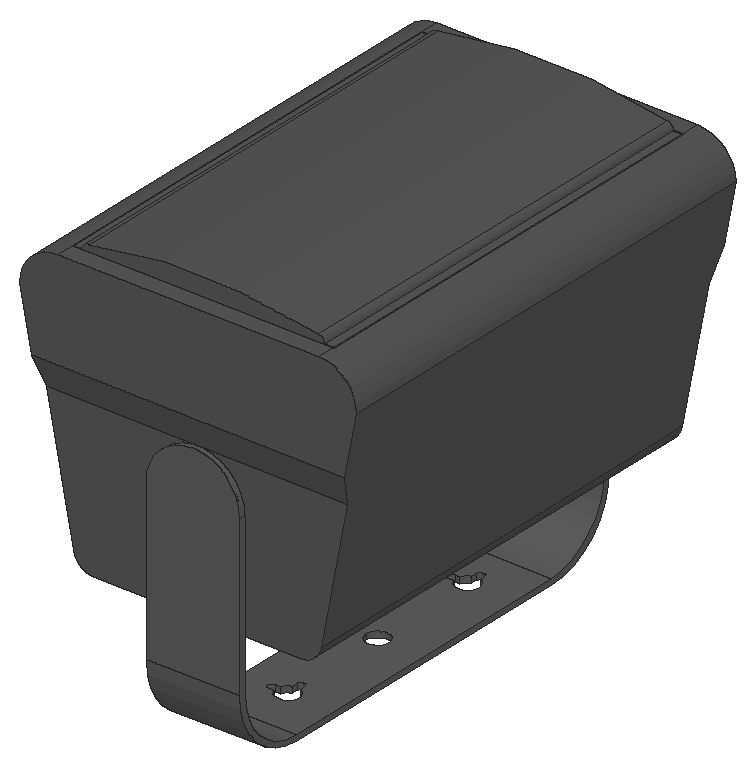
Revit family "Electronics_Commercial-Loudspeakers_Biamp_Active-Loudspeaker_SDQ5P", category Communication Devices, host Face, Revit 2020
Family settings
  Host = Face
  Maintain Annotation Orientation = No
  Round Connector Dimension = Use Diameter
  Part Type = Normal
  OmniClass Number = 23.85.10.11.14.14.14
  Cut with Voids When Loaded = No
  Shared = No
  Room Calculation Point = No
Parameters (values of type "SDQ5P B")
  Woofer size in inch = "5.25"  # constant formula
  Woofer cone material = "Polypropylene"  # constant formula
  Width = 7.08661"  # constant formula
  Weight = 12.90 lbf  # constant formula
  Voltage = 120 V  # constant formula
  Vertical dispersion angle 1000 Hz = "180°\r"  # constant formula
  URL = "https://www.biamp.com/"
  Tweeter size in inch = "1"  # constant formula
  SPL 1W/1m in dB = "86"  # constant formula
  Rotate angle (0°) - (-90.00°) [instance] = if(Rotate angle < -90.00°, -90.00°, if(Rotate angle > 0.00°, 0.00°, Rotate angle))  # 0.00°
  Rotate angle (0°) - (90.00°) [instance] = if(Rotate angle < 0.00°, 0.00°, if(Rotate angle > 90.00°, 90.00°, Rotate angle))  # 0.00°
  Rotate angle [instance] = 0.00°
  Product data url = "https://bimobject.com/biamp/product/sdq5p_commercial-loudspeakers-surface-mount"
  Product Page URL = "https://www.biamp.com/products/product-families/commercial-loudspeakers/surface-mount#sdq5p"
  Product Documentation Link = "https://downloads.biamp.com/assets/docs/default-source/data-sheets/biamp_data_sheet_sdq5p-bl_aug20.pdf"
  Power Factor = 1  # constant formula
  Number of Poles = 1  # constant formula
  Nom Rotate angle [instance] = if(Rotate angle > 0.00°, [Rotate angle (0°) - (90.00°)], [Rotate angle (0°) - (-90.00°)])  # 0.00°
  Mounting system = "U-bracket\r"  # constant formula
  Mounting Material = Biamp - Metal - Black
  Model = "SDQ5P B"
  Max SPL 1m in dB = "101"  # constant formula
  Max Power Consumption = 230 W  # constant formula
  Manufacturer = "Biamp"  # constant formula
  Low impedance dynamic power in watts = "2 x 30"  # constant formula
  Low impedance RMS power in watts = "2 x 15"  # constant formula
  Loudspeaker system = "2-way"  # constant formula
  Housing Material = Biamp - Plastic - Black
  Horizontal dispersion angle 1000 Hz = "180°\r"  # constant formula
  Height = 9.96063"  # constant formula
  Grill Material = Biamp - Plastic - Black(Grid)
  Frequency response in Hz = "45-20k"  # constant formula
  Description = "SDQ5P-BL Active Loudspeaker Set 5\", 2 x 30 Watts, Black"
  Depth = 6.37795"  # constant formula
  Default Elevation = 0.00"  # constant formula
  Connector Description = "Power Connector; 230VAC 50Hz - 80W"  # constant formula
  Apparent Load = Max Power Consumption / Power Factor  # 230 VA
Types (3): name | Mounting Material | Model | Housing Material | Grill Material | Description
  (no name) | Biamp - Metal - Black | "SDQ5P B" | Biamp - Plastic - Black | Biamp - Plastic - Black(Grid) | "SDQ5P-BL Active Loudspeaker Set 5\", 2 x 30 Watts, Black"
  SDQ5P B | Biamp - Metal - Black | "SDQ5P B" | Biamp - Plastic - Black | Biamp - Plastic - Black(Grid) | "SDQ5P-BL Active Loudspeaker Set 5\", 2 x 30 Watts, Black"
  SDQ5P W | Biamp - Metal - White | "SDQ5P W" | Biamp - Plastic - White | Biamp - Plastic - White(Grid) | "SDQ5P-BL Active Loudspeaker Set 5\", 2 x 30 Watts, White"
Reference planes (in)
  plane 1 "Center (Front/Back)": y = 0
  plane 2: z = 0
  plane 3 "Center (Left/Right)": x = 0
Dimensions and locks (in)
  aligned and locked: plane 2 to host face
  aligned and locked: level to host face
  aligned and locked: plane 3 "Center (Left/Right)" to nested 1
  aligned and locked: plane 1 "Center (Front/Back)" to nested 1
Nested families (in)
  nested 1: "U-Bracket" at (0, 0, 0), Housing Material <- "Mounting Material", type "U-Bracket"
    with Housing Material Biamp - Metal - Black
  nested 2: "SDQ5P_Angled_act" at (0, -4.74104, 4.85651) x (1, 0, 0) z (0, 1, 0), Angle of equipment <- "Nom Rotate angle", Grill Material <- "Grill Material", Housing Material <- "Housing Material", type "SDQ5P_Angled_act"
    with Housing Material Biamp - Plastic - Black, Grill Material Biamp - Plastic - Black(Grid), Angle of equipment 0.00°
Connectors (in)
  electrical at (-0.76898, 0.13019, 2.59148), driven by "Connector Description", driven by "Power Factor", driven by "Apparent Load", driven by "Voltage", driven by "Number of Poles"
    settings: on nested 2, index 1, voltage 120 V, apparent load 0 VA, apparent load phase1 230 VA, apparent load phase2 0 VA, apparent load phase3 0 VA, power factor 1, load classification "Other", number of poles 1, system type 31, power factor state 1, is connector primary yes, connector utility no, sub classification motor no, connector description "Power Connector; 230VAC 50Hz - 80W"
  electrical at (-1.1243, -1.28784, 2.59148)
    settings: on nested 2, index 2, voltage 0 V, apparent load 0 VA, apparent load phase1 0 VA, apparent load phase2 0 VA, apparent load phase3 0 VA, power factor 1, load classification "Other", number of poles 1, system type 5, power factor state 1, is connector primary no, connector utility no, sub classification motor no, connector description "Euroblock 2 pole; Speaker output"
  electrical at (-1.1243, -1.89807, 2.59148)
    settings: on nested 2, index 3, voltage 0 V, apparent load 0 VA, apparent load phase1 0 VA, apparent load phase2 0 VA, apparent load phase3 0 VA, power factor 1, load classification "Other", number of poles 1, system type 5, power factor state 1, is connector primary no, connector utility no, sub classification motor no, connector description "Euroblock 3 pole; Balanced line inputs"
  electrical at (-1.1243, -2.60673, 2.59148)
    settings: on nested 2, index 4, voltage 0 V, apparent load 0 VA, apparent load phase1 0 VA, apparent load phase2 0 VA, apparent load phase3 0 VA, power factor 1, load classification "Other", number of poles 1, system type 5, power factor state 1, is connector primary no, connector utility no, sub classification motor no, connector description "Euroblock 3 pole; Balanced line inputs"
  electrical at (-0.51181, -3.09055, 2.59148)
    settings: on nested 2, index 5, voltage 0 V, apparent load 0 VA, apparent load phase1 0 VA, apparent load phase2 0 VA, apparent load phase3 0 VA, power factor 1, load classification "Other", number of poles 1, system type 5, power factor state 1, is connector primary no, connector utility no, sub classification motor no, connector description "3.5mm jack; Stereo input"
  electrical at (-0.7874, -3.72047, 2.59148)
    settings: on nested 2, index 6, voltage 0 V, apparent load 0 VA, apparent load phase1 0 VA, apparent load phase2 0 VA, apparent load phase3 0 VA, power factor 1, load classification "Other", number of poles 1, system type 5, power factor state 1, is connector primary no, connector utility no, sub classification motor no, connector description "RCA; Input right"
  electrical at (-1.1811, -3.72047, 2.59148)
    settings: on nested 2, index 7, voltage 0 V, apparent load 0 VA, apparent load phase1 0 VA, apparent load phase2 0 VA, apparent load phase3 0 VA, power factor 1, load classification "Other", number of poles 1, system type 5, power factor state 1, is connector primary no, connector utility no, sub classification motor no, connector description "RCA; Input left"
Definition of nested family "U-Bracket"
  Parameters (values of type "U-Bracket")
    Housing Material [instance] = none
    Height = 0.00"
    Default Elevation = 0.00"  # constant formula
  Reference planes (in)
    plane 1 "Center (Front/Back)": y = 0
    plane 2: z = 0
    plane 3 "Center (Left/Right)": x = 0
  Forms (in)
    Extrusion 1, solid
      sketch origin (0, 0, 0) x (1, 0, 0) y (0, 1, 0)
        loop
          line (-48, 48) -> (-48, -48) -> (48, -48) -> (48, 48) -> (-48, 48)
      from 0 to -12
    Extrusion 2, solid, material <- "Housing Material"
      sketch origin (0, -8.48975, 21.90793) x (0, 0, -1) y (0, 1, 0)
        loop
          line (16.06717, 13.23079) -> (20.39788, 13.23079)
          arc (20.39788, 13.23079) -> (21.38213, 12.8231) -> (21.78982, 11.83884) r 1.39194
          line (21.78982, 11.83884) -> (21.78982, 5.14066)
          arc (21.78982, 5.14066) -> (21.38213, 4.15641) -> (20.39788, 3.74872) r 1.39194
          line (20.39788, 3.74872) -> (16.06717, 3.74872) -> (16.06717, 3.63061) -> (20.39788, 3.63061)
          arc (20.39788, 3.63061) -> (21.46564, 4.07289) -> (21.90793, 5.14066) r 1.51005
          line (21.90793, 5.14066) -> (21.90793, 11.83884)
          arc (21.90793, 11.83884) -> (21.46564, 12.90661) -> (20.39788, 13.3489) r 1.51005
          line (20.39788, 13.3489) -> (16.06717, 13.3489) -> (16.06717, 13.23079)
      from -0.98425 to 0.98425
    Extrusion 3, void
      sketch origin (0, 0, 0) x (1, 0, 0) y (0, 0, 1)
        loop
          arc (-0.98425, 4.85651) -> (0, 5.84076) -> (0.98425, 4.85651) r 0.98425
          line (0.98425, 4.85651) -> (0.98425, 6.03761) -> (-0.98425, 6.03761) -> (-0.98425, 4.85651)
      from 4.74104 to 4.85915
    Extrusion 4, void
      sketch origin (0, 0, 0) x (1, 0, 0) y (0, 0, -1)
        loop
          line (-0.98425, -4.85651) -> (-0.98425, -6.03761) -> (0.98425, -6.03761) -> (0.98425, -4.85651)
          arc (0.98425, -4.85651) -> (0, -5.84076) -> (-0.98425, -4.85651) r 0.98425
      from 4.74104 to 4.85915
    Extrusion 5, void
      sketch origin (0, 0, 0) x (1, 0, 0) y (0, 1, 0)
        loop
          circle (0, 0) r 0.24606
        loop
          arc (-0.08661, 2.59252) -> (-0.17399, 2.5362) -> (-0.23031, 2.44882) r 0.24606
          line (-0.23031, 2.44882) -> (-0.33713, 2.44882)
          arc (-0.33713, 2.44882) -> (-0.42375, 2.3622) -> (-0.33713, 2.27559) r 0.08661
          line (-0.33713, 2.27559) -> (-0.23031, 2.27559)
          arc (-0.23031, 2.27559) -> (0.17399, 2.18821) -> (0.08661, 2.59252) r 0.24606
          line (0.08661, 2.59252) -> (0.08661, 2.69934)
          arc (0.08661, 2.69934) -> (0, 2.78595) -> (-0.08661, 2.69934) r 0.08661
          line (-0.08661, 2.69934) -> (-0.08661, 2.59252)
        loop
          arc (-0.08661, -2.13189) -> (-0.17399, -2.18821) -> (-0.23031, -2.27559) r 0.24606
          line (-0.23031, -2.27559) -> (-0.33713, -2.27559)
          arc (-0.33713, -2.27559) -> (-0.42375, -2.3622) -> (-0.33713, -2.44882) r 0.08661
          line (-0.33713, -2.44882) -> (-0.23031, -2.44882)
          arc (-0.23031, -2.44882) -> (0.17399, -2.5362) -> (0.08661, -2.13189) r 0.24606
          line (0.08661, -2.13189) -> (0.08661, -2.02507)
          arc (0.08661, -2.02507) -> (0, -1.93846) -> (-0.08661, -2.02507) r 0.08661
          line (-0.08661, -2.02507) -> (-0.08661, -2.13189)
      from 0 to 0.11811
  Cuts and joins
    Extrusion 3, Extrusion 4, Extrusion 5 cuts Extrusion 2
  Lines and regions (in)
    Masking region 1
      outline origin (0, 0, 0) x (1, 0, 0) y (0, 1, 0)
        loop
          line (-0.98425, 4.85915) -> (-0.98425, -4.85915) -> (0.98425, -4.85915) -> (0.98425, 4.85915) -> (-0.98425, 4.85915)
        loop
          line (-0.23031, 2.44882) -> (-0.33713, 2.44882)
          arc (-0.33713, 2.44882) -> (-0.42375, 2.3622) -> (-0.33713, 2.27559) r 0.08661
          line (-0.33713, 2.27559) -> (-0.23031, 2.27559)
          arc (-0.23031, 2.27559) -> (0.17399, 2.18821) -> (0.08661, 2.59252) r 0.24606
          line (0.08661, 2.59252) -> (0.08661, 2.69934)
          arc (0.08661, 2.69934) -> (0, 2.78595) -> (-0.08661, 2.69934) r 0.08661
          line (-0.08661, 2.69934) -> (-0.08661, 2.59252)
          arc (-0.08661, 2.59252) -> (-0.17399, 2.5362) -> (-0.23031, 2.44882) r 0.24606
        loop
          circle (0, 0) r 0.24606
        loop
          line (0.08661, -2.13189) -> (0.08661, -2.02507)
          arc (0.08661, -2.02507) -> (0, -1.93846) -> (-0.08661, -2.02507) r 0.08661
          line (-0.08661, -2.02507) -> (-0.08661, -2.13189)
          arc (-0.08661, -2.13189) -> (-0.17399, -2.18821) -> (-0.23031, -2.27559) r 0.24606
          line (-0.23031, -2.27559) -> (-0.33713, -2.27559)
          arc (-0.33713, -2.27559) -> (-0.42375, -2.3622) -> (-0.33713, -2.44882) r 0.08661
          line (-0.33713, -2.44882) -> (-0.23031, -2.44882)
          arc (-0.23031, -2.44882) -> (0.17399, -2.5362) -> (0.08661, -2.13189) r 0.24606
    Masking region 2
      outline origin (0, 0, 0) x (1, 0, 0) y (0, 0, 1)
        loop
          arc (0, 5.84076) -> (-0.69597, 5.55248) -> (-0.98425, 4.85651) r 0.98425
          line (-0.98425, 4.85651) -> (-0.98425, 0) -> (0.98425, 0) -> (0.98425, 4.85651)
          arc (0.98425, 4.85651) -> (0.69597, 5.55248) -> (0, 5.84076) r 0.98425
    Masking region 3
      outline origin (0, 0, 0) x (0, 1, 0) y (0, 0, 1)
        loop
          line (-4.74104, 1.51005) -> (-4.74104, 5.84076) -> (-4.85915, 5.84076) -> (-4.85915, 1.51005)
          arc (-4.85915, 1.51005) -> (-4.41686, 0.44228) -> (-3.34909, 0) r 1.51005
          line (-3.34909, 0) -> (3.34909, 0)
          arc (3.34909, 0) -> (4.41686, 0.44228) -> (4.85915, 1.51005) r 1.51005
          line (4.85915, 1.51005) -> (4.85915, 5.84076) -> (4.74104, 5.84076) -> (4.74104, 1.51005)
          arc (4.74104, 1.51005) -> (4.33335, 0.5258) -> (3.34909, 0.11811) r 1.39194
          line (3.34909, 0.11811) -> (-3.34909, 0.11811)
          arc (-3.34909, 0.11811) -> (-4.33335, 0.5258) -> (-4.74104, 1.51005) r 1.39194
    symbolic lines
      curve 1: line (-0.98425, 4.74104, 0) -> (0.98425, 4.74104, 0)
      curve 2: line (-0.98425, -4.74104, 0) -> (0.98425, -4.74104, 0)
  Dimensions and locks (in)
    aligned and locked: plane 2 to Extrusion 1
    aligned and locked: level to Extrusion 1
Definition of nested family "SDQ5P_Angled_act"
  Parameters (values of type "SDQ5P_Angled_act")
    Housing Material [instance] = none
    Grill Material [instance] = none
    Default Elevation = 0.00"
    Angle of equipment [instance] = 0.00°
  Reference planes (in)
    plane 1 "Center (Front/Back)": y = 0
    plane 2: z = 0
    plane 3 "Center (Left/Right)": x = 0
  Forms (in)
    Extrusion 1, solid
      sketch origin (0, 0, 0) x (1, 0, 0) y (0, 1, 0)
        loop
          line (-48, 48) -> (-48, -48) -> (48, -48) -> (48, 48) -> (-48, 48)
      from 0 to -12
  Lines and regions (in)
    reference lines
      curve 1: line (0, -8.46947, 0) -> (0, 0, 0)
      curve 2: line (0, -11.5, 0) -> (0, 0, 0)
  Dimensions and locks (in)
    "Angle of equipment": angle curve 1 to curve 2
    aligned and locked: plane 2 to Extrusion 1
    aligned and locked: level to Extrusion 1
    aligned and locked: plane 1 "Center (Front/Back)" to curve 1
    aligned and locked: plane 3 "Center (Left/Right)" to curve 1
    aligned and locked: plane 1 "Center (Front/Back)" to curve 2
    aligned and locked: plane 3 "Center (Left/Right)" to curve 2
    aligned and locked: curve 2 to nested 1
  Automatic sketch dimensions
    Extrusion 1 sketch curve to Extrusion 1 sketch curve = 96.00"  (x2)
    plane 1 "Center (Front/Back)" to curve 1 = 8.46947"
  Nested families (in)
    nested 1: "SDQ5P_act" at (0, 0.46325, 0), Grill Material <- "Grill Material", Housing Material <- "Housing Material", type "SDQ5P"
      with Housing Material none, Grill Material none
  Definition of nested family "SDQ5P_act"
    Parameters (values of type "SDQ5P_act")
      Housing Material [instance] = none
      Grill Material [instance] = none
      Default Elevation = 0.00"  # constant formula
    Reference planes (in)
      plane 1 "Center (Front/Back)": y = 0
      plane 2: z = 0
      plane 3 "Center (Left/Right)": x = 0
    Forms (in)
      Extrusion 1, solid
        sketch origin (0, 0, 0) x (1, 0, 0) y (0, 1, 0)
          loop
            line (-48, 48) -> (-48, -48) -> (48, -48) -> (48, 48) -> (-48, 48)
        from 0 to -12
      Extrusion 2, solid, material <- "Housing Material", detail levels medium+fine
        sketch origin (0, 1.80178, 4.74104) x (0, -1, 0) y (1, 0, 0)
          loop
            arc (5.18701, -3.54331) -> (5.75074, -3.3098) -> (5.98425, -2.74606) r 0.79724
            line (5.98425, -2.74606) -> (5.98425, 2.74606)
            arc (5.98425, 2.74606) -> (5.75074, 3.3098) -> (5.18701, 3.54331) r 0.79724
            line (5.18701, 3.54331) -> (0.35429, 2.61401)
            arc (0.35429, 2.61401) -> (0.10215, 2.46583) -> (0, 2.19179) r 0.43682
            line (0, 2.19179) -> (0, -2.19179)
            arc (0, -2.19179) -> (0.10215, -2.46583) -> (0.35429, -2.61401) r 0.43682
            line (0.35429, -2.61401) -> (5.18701, -3.54331)
        from -4.98031 to 4.98031
      Extrusion 3, solid, material <- "Grill Material", detail levels medium+fine
        sketch origin (0, 1.80178, 4.74104) x (0, -1, 0) y (1, 0, 0)
          loop
            line (5.98425, -2.74606) -> (5.98425, -2.54921)
            arc (5.98425, -2.54921) -> (6.08268, -2.50844) -> (6.12345, -2.41002) r 0.13919
            arc (6.12345, -2.41002) -> (6.37795, 0) -> (6.12345, 2.41002) r 11.53794
            arc (6.12345, 2.41002) -> (6.08268, 2.50844) -> (5.98425, 2.54921) r 0.13919
            line (5.98425, 2.54921) -> (5.98425, 2.74606) -> (5.59055, 2.74606) -> (5.59055, -2.74606) -> (5.98425, -2.74606)
        from -4.58661 to 4.58661
      Extrusion 4, void
        sketch origin (0, 1.80178, 4.74104) x (0, -1, 0) y (1, 0, 0)
          loop
            line (5.98425, -2.74606) -> (5.98425, 2.74606) -> (5.59055, 2.74606) -> (5.59055, -2.74606) -> (5.98425, -2.74606)
        from -4.58661 to 4.58661
      Extrusion 5, void
        sketch origin (0, 1.80178, 4.74104) x (1, 0, 0) y (0, 0, 1)
          loop
            line (-1.76181, 4.19291) -> (-1.76181, 3.60236) -> (-0.18701, 3.60236) -> (-0.18701, 4.19291) -> (-1.76181, 4.19291)
          loop
            line (1.76181, 4.19291) -> (0.18701, 4.19291) -> (0.18701, 3.60236) -> (1.76181, 3.60236) -> (1.76181, 4.19291)
          loop
            line (1.76181, 3.40551) -> (1.17126, 3.40551) -> (1.17126, -4.19291) -> (1.76181, -4.19291) -> (1.76181, 3.40551)
          loop
            line (-1.76181, -4.19291) -> (0.77756, -4.19291) -> (0.77756, 3.40551) -> (-1.76181, 3.40551) -> (-1.76181, -4.19291)
          loop
            line (1.01378, 3.40551) -> (0.93504, 3.40551) -> (0.93504, -4.19291) -> (1.01378, -4.19291) -> (1.01378, 3.40551)
          loop
            line (1.13189, 3.40551) -> (1.05315, 3.40551) -> (1.05315, -4.19291) -> (1.13189, -4.19291) -> (1.13189, 3.40551)
          loop
            line (0.81693, 3.40551) -> (0.81693, -4.19291) -> (0.89567, -4.19291) -> (0.89567, 3.40551) -> (0.81693, 3.40551)
        from 0 to 0.19685
      Extrusion 6, solid, detail levels medium+fine
        sketch origin (0, 1.80178, 4.74104) x (1, 0, 0) y (0, 0, 1)
          loop
            line (-1.45796, -0.14589) -> (-1.38955, -0.2143) -> (-0.14842, -0.2143) -> (-0.08001, -0.14589) -> (-0.08001, 0.33786) -> (-0.28524, 0.54309) -> (-1.25272, 0.54309) -> (-1.45796, 0.33786) -> (-1.45796, -0.14589)
        from 0 to 0.19685
      Extrusion 7, solid, detail levels medium+fine
        sketch origin (-0.3937, 1.80178, 5.01663) x (1, 0, 0) y (0, 0, 1)
          loop
            circle (-0.3937, -3.99606) r 0.09843
          loop
            circle (-0.3937, -3.99606) r 0.07874
        from 0 to 0.19685
      Extrusion 8, solid, detail levels medium+fine
        sketch origin (-0.7874, 1.80178, 5.01663) x (1, 0, 0) y (0, 0, 1)
          loop
            circle (-0.3937, -3.99606) r 0.09843
          loop
            circle (-0.3937, -3.99606) r 0.07874
        from 0 to 0.19685
      Extrusion 9, solid, detail levels medium+fine
        sketch origin (0, 1.80178, 4.74104) x (1, 0, 0) y (0, 0, 1)
          loop
            circle (0, -1.51335) r 0.23622
          loop
            circle (0, -2.4976) r 0.23622
        from 0 to 0.19685
      Extrusion 10, solid, detail levels medium+fine
        sketch origin (0, 1.80178, 6.11899) x (1, 0, 0) y (0, 0, 1)
          loop
            line (-0.7306, -3.65004) -> (-1.518, -3.65004) -> (-1.518, -4.31933) -> (-0.7306, -4.31933) -> (-0.7306, -3.65004)
          loop
            line (-0.92745, -3.72878) -> (-0.92745, -3.84689) -> (-0.80934, -3.84689) -> (-0.80934, -3.72878) -> (-0.92745, -3.72878)
          loop
            line (-0.92745, -3.92563) -> (-0.92745, -4.04374) -> (-0.80934, -4.04374) -> (-0.80934, -3.92563) -> (-0.92745, -3.92563)
          loop
            line (-0.92745, -4.12248) -> (-0.92745, -4.24059) -> (-0.80934, -4.24059) -> (-0.80934, -4.12248) -> (-0.92745, -4.12248)
        from 0 to 0.19685
      Extrusion 11, solid, detail levels medium+fine
        sketch origin (0, 1.80178, 6.82765) x (1, 0, 0) y (0, 0, 1)
          loop
            line (-0.7306, -3.65004) -> (-1.518, -3.65004) -> (-1.518, -4.31933) -> (-0.7306, -4.31933) -> (-0.7306, -3.65004)
          loop
            line (-0.92745, -3.72878) -> (-0.92745, -3.84689) -> (-0.80934, -3.84689) -> (-0.80934, -3.72878) -> (-0.92745, -3.72878)
          loop
            line (-0.92745, -3.92563) -> (-0.92745, -4.04374) -> (-0.80934, -4.04374) -> (-0.80934, -3.92563) -> (-0.92745, -3.92563)
          loop
            line (-0.92745, -4.12248) -> (-0.92745, -4.24059) -> (-0.80934, -4.24059) -> (-0.80934, -4.12248) -> (-0.92745, -4.12248)
        from 0 to 0.19685
      Extrusion 12, solid, detail levels medium+fine
        sketch origin (0, 1.80178, 7.53631) x (1, 0, 0) y (0, 0, 1)
          loop
            line (-0.7306, -3.84689) -> (-1.518, -3.84689) -> (-1.518, -4.31933) -> (-0.7306, -4.31933) -> (-0.7306, -3.84689)
          loop
            line (-0.92745, -3.92563) -> (-0.92745, -4.04374) -> (-0.80934, -4.04374) -> (-0.80934, -3.92563) -> (-0.92745, -3.92563)
          loop
            line (-0.92745, -4.12248) -> (-0.92745, -4.24059) -> (-0.80934, -4.24059) -> (-0.80934, -4.12248) -> (-0.92745, -4.12248)
        from 0 to 0.19685
      Extrusion 13, solid, detail levels medium+fine
        sketch origin (-0.11811, 1.80178, 5.64655) x (1, 0, 0) y (0, 0, 1)
          loop
            circle (-0.3937, -3.99606) r 0.07874
          loop
            circle (-0.3937, -3.99606) r 0.05906
        from 0 to 0.19685
      Extrusion 14, solid, detail levels medium+fine
        sketch origin (0, 1.80178, 3.75678) x (1, 0, 0) y (0, 0, 1)
          loop
            circle (0, -2.4976) r 0.23622
        from 0 to 0.19685
      Extrusion 15, void
        sketch origin (0, 1.80178, 4.74104) x (0, 0, 1) y (0, -1, 0)
          loop
            line (4.98031, 3.90669) -> (4.74104, 3.24928) -> (4.74104, 0) -> (4.98031, 0) -> (4.98031, 3.90669)
          loop
            line (-4.98031, 3.90669) -> (-4.98031, 0) -> (-4.74104, 0) -> (-4.74104, 3.24928) -> (-4.98031, 3.90669)
        from -4.57046 to 3.64656
      Extrusion 16, solid, material <- "Housing Material", detail levels coarse
        sketch origin (0, 0, 0) x (1, 0, 0) y (0, 1, 0)
          loop
            line (-3.1707, -1.4475) -> (-3.54331, -3.38522)
            arc (-3.54331, -3.38522) -> (-3.3098, -3.94896) -> (-2.74606, -4.18247) r 0.79724
            line (-2.74606, -4.18247) -> (-2.54921, -4.18247)
            arc (-2.54921, -4.18247) -> (-2.50844, -4.28089) -> (-2.41002, -4.32166) r 0.13919
            arc (-2.41002, -4.32166) -> (0, -4.57617) -> (2.41002, -4.32166) r 11.53794
            arc (2.41002, -4.32166) -> (2.50844, -4.28089) -> (2.54921, -4.18247) r 0.13919
            line (2.54921, -4.18247) -> (2.74606, -4.18247)
            arc (2.74606, -4.18247) -> (3.3098, -3.94896) -> (3.54331, -3.38522) r 0.79724
            line (3.54331, -3.38522) -> (3.1707, -1.4475) -> (-3.1707, -1.4475)
        from -0.23928 to 9.72135
      Extrusion 17, solid, material <- "Housing Material", detail levels coarse
        sketch origin (0, 0, 0) x (1, 0, 0) y (0, 1, 0)
          loop
            line (-2.61401, 1.4475) -> (-3.1707, -1.4475) -> (3.1707, -1.4475) -> (2.61401, 1.4475)
            arc (2.61401, 1.4475) -> (2.46583, 1.69964) -> (2.19179, 1.80178) r 0.43682
            line (2.19179, 1.80178) -> (-2.19179, 1.80178)
            arc (-2.19179, 1.80178) -> (-2.46583, 1.69964) -> (-2.61401, 1.4475) r 0.43682
        from 0 to 9.48207
    Cuts and joins
      Extrusion 4, Extrusion 5, Extrusion 15 cuts Extrusion 2
    Lines and regions (in)
      Masking region 1
        outline origin (0, 0, 0) x (1, 0, 0) y (0, 1, 0)
          loop
            line (-2.61401, 1.4475) -> (-3.54331, -3.38522)
            arc (-3.54331, -3.38522) -> (-3.3098, -3.94896) -> (-2.74606, -4.18247) r 0.79724
            line (-2.74606, -4.18247) -> (-2.54921, -4.18247)
            arc (-2.54921, -4.18247) -> (-2.50844, -4.28089) -> (-2.41002, -4.32166) r 0.13919
            arc (-2.41002, -4.32166) -> (0, -4.57617) -> (2.41002, -4.32166) r 11.53794
            arc (2.41002, -4.32166) -> (2.50844, -4.28089) -> (2.54921, -4.18247) r 0.13919
            line (2.54921, -4.18247) -> (2.74606, -4.18247)
            arc (2.74606, -4.18247) -> (3.3098, -3.94896) -> (3.54331, -3.38522) r 0.79724
            line (3.54331, -3.38522) -> (2.61401, 1.4475)
            arc (2.61401, 1.4475) -> (2.46583, 1.69964) -> (2.19179, 1.80178) r 0.43682
            line (2.19179, 1.80178) -> (-2.19179, 1.80178)
            arc (-2.19179, 1.80178) -> (-2.46583, 1.69964) -> (-2.61401, 1.4475) r 0.43682
      Masking region 2
        outline origin (0, 0, 0) x (1, 0, 0) y (0, 0, 1)
          loop
            line (-3.54331, 9.72135) -> (-3.54331, -0.23928) -> (3.54331, -0.23928) -> (3.54331, 0.15442) -> (3.54331, 9.32765) -> (3.54331, 9.72135) -> (-3.54331, 9.72135)
      Masking region 3
        outline origin (0, 0, 0) x (0, 1, 0) y (0, 0, 1)
          loop
            line (-2.10491, 9.72135) -> (-4.18247, 9.72135) -> (-4.18247, 9.32765) -> (-4.57617, 9.32765) -> (-4.57617, 0.15442) -> (-4.18247, 0.15442) -> (-4.18247, -0.23928) -> (-2.10491, -0.23928) -> (-1.4475, 0) -> (1.80178, 0) -> (1.80178, 9.48207) -> (-1.4475, 9.48207) -> (-2.10491, 9.72135)
      symbolic lines
        curve 1: line (-3.1707, -1.4475, 0) -> (3.1707, -1.4475, 0)
        curve 2: line (3.29711, -2.10491, 0) -> (-3.29711, -2.10491, 0)
        curve 3: line (-2.74606, -4.18247, 0) -> (2.74606, -4.18247, 0)
        curve 4: line (-2.41002, 0, 9.32765) -> (-2.41002, 0, 0.15442)
        curve 5: line (-2.41002, 0, 0.15442) -> (2.41002, 0, 0.15442)
        curve 6: line (2.41002, 0, 0.15442) -> (2.41002, 0, 9.32765)
        curve 7: line (2.41002, 0, 9.32765) -> (-2.41002, 0, 9.32765)
        curve 8: line (-2.74606, 0, 9.32765) -> (-2.74606, 0, 0.15442)
        curve 9: line (-2.74606, 0, 0.15442) -> (-2.54921, 0, 0.15442)
        curve 10: line (-2.54921, 0, 0.15442) -> (-2.54921, 0, 9.32765)
        curve 11: line (-2.54921, 0, 9.32765) -> (-2.74606, 0, 9.32765)
        curve 12: line (2.74606, 0, 0.15442) -> (2.74606, 0, 9.32765)
        curve 13: line (2.74606, 0, 9.32765) -> (2.54921, 0, 9.32765)
        curve 14: line (2.54921, 0, 9.32765) -> (2.54921, 0, 0.15442)
        curve 15: line (2.54921, 0, 0.15442) -> (2.74606, 0, 0.15442)
        curve 16: line (-2.54921, 0, 9.32765) -> (-2.41002, 0, 9.32765)
        curve 17: line (2.41002, 0, 9.32765) -> (2.54921, 0, 9.32765)
        curve 18: line (-2.54921, 0, 0.15442) -> (-2.41002, 0, 0.15442)
        curve 19: line (2.41002, 0, 0.15442) -> (2.54921, 0, 0.15442)
        curve 20: line (0, -3.38522, 9.72135) -> (0, -3.38522, -0.23928)
        curve 21: line (0, -4.32166, 9.32765) -> (0, -4.32166, 0.15442)
        curve 22: line (0, -4.18247, 0.15442) -> (0, -4.18247, 9.32765)
    Dimensions and locks (in)
      aligned and locked: plane 2 to Extrusion 1
      aligned and locked: level to Extrusion 1
